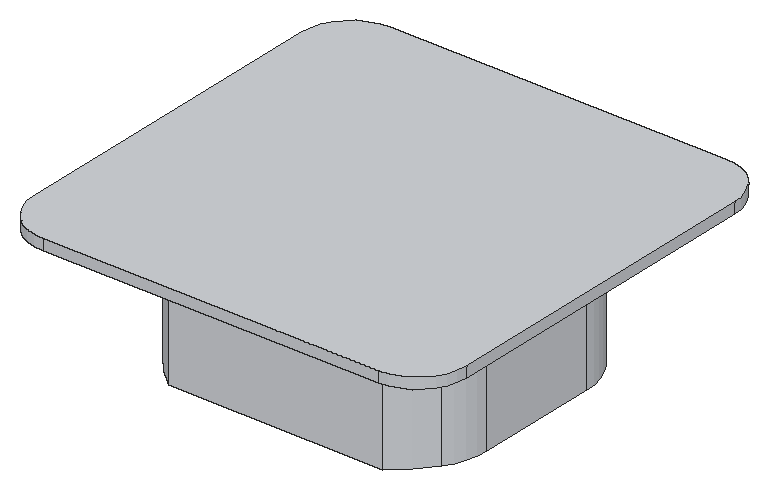
Revit family "Gira_018200", category Electrical Fixtures, host Face, Revit 2017
Family settings
  Host = Face
  Maintain Annotation Orientation = Yes
  Round Connector Dimension = Use Diameter
  Part Type = Normal
  Cut with Voids When Loaded = No
  Shared = No
  Room Calculation Point = No
Parameters
  URL = "http://katalog.gira.de/de_DE/datenblatt.html?artikelnr=018200"
  Region = "DE"
  Name = "Taster-BA 2f 1-Punkt KNX Einsatz"
  Montageart = "unter Putz"
  Manufacturer URL = "https://www.gira.de/"
  Keynote = "Einsatz_1fach"
  HeinzeBIM = "https://bimportal.heinze.de/bim/taster-ba-2f-1-punkt-knx-einsatz/22aaa5c862a5bed7bd6c31c8c56895e74e430741"
  HAN = "018200"
  GTIN = "4010337182009"
  Default Elevation = 1219.2 mm
  Data sheet (1) = "https://katalog.gira.de/de_DE/download.html?artikelnr=018200"
  Category = "Bussystem-Ankoppler"
  Bussystem Powernet = "No"
  Bussystem LON = "No"
  Bussystem KNX-Funk = "No"
  Bussystem KNX = "Yes"
  Bussystem Funkbus = "No"
  Befestigungsart = "Krallen-/Schraubbefestigung"
  Available = "Yes"
  Andere Bussysteme = "ohne"
Reference planes
  plane 1 "Center (Front/Back)": y = 0
  plane 2: z = 0
  plane 3 "Center (Left/Right)": x = 0
Forms (mm)
  Extrusion 1, solid, detail levels fine
    sketch origin (0, 0, 0) x (1, 0, 0) y (0, 1, 0)
      loop
        line (27.475, 35.475) -> (-27.475, 35.475)
        arc (-27.475, 35.475) -> (-33.132, 33.132) -> (-35.475, 27.475) r 8
        line (-35.475, 27.475) -> (-35.475, -27.475)
        arc (-35.475, -27.475) -> (-33.132, -33.132) -> (-27.475, -35.475) r 8
        line (-27.475, -35.475) -> (27.475, -35.475)
        arc (27.475, -35.475) -> (33.132, -33.132) -> (35.475, -27.475) r 8
        line (35.475, -27.475) -> (35.475, 27.475)
        arc (35.475, 27.475) -> (33.132, 33.132) -> (27.475, 35.475) r 8
    from 0 to 1.8
  Extrusion 2, solid, detail levels fine
    sketch origin (0, 0, 0) x (1, 0, 0) y (0, 1, 0)
      loop
        line (9.678, 25.4) -> (-9.678, 25.4)
        arc (-9.678, 25.4) -> (-12.885, 24.922) -> (-15.814, 23.53) r 11
        arc (-15.814, 23.53) -> (-17.795, 22.07) -> (-19.641, 20.444) r 28.35
        arc (-19.641, 20.444) -> (-21.339, 18.665) -> (-22.876, 16.745) r 28.35
        arc (-22.876, 16.745) -> (-24.456, 13.666) -> (-25, 10.248) r 11
        line (-25, 10.248) -> (-25, -10.248)
        arc (-25, -10.248) -> (-24.456, -13.666) -> (-22.876, -16.745) r 11
        arc (-22.876, -16.745) -> (-20.409, -19.677) -> (-17.569, -22.25) r 28.35
        line (-17.569, -22.25) -> (17.569, -22.25)
        arc (17.569, -22.25) -> (20.409, -19.677) -> (22.876, -16.745) r 28.35
        arc (22.876, -16.745) -> (24.456, -13.666) -> (25, -10.248) r 11
        line (25, -10.248) -> (25, 10.248)
        arc (25, 10.248) -> (24.456, 13.666) -> (22.876, 16.745) r 11
        arc (22.876, 16.745) -> (21.593, 18.37) -> (20.195, 19.897) r 28.35
        arc (20.195, 19.897) -> (18.096, 21.823) -> (15.814, 23.53) r 28.35
        arc (15.814, 23.53) -> (12.885, 24.922) -> (9.678, 25.4) r 11
    from -22 to 0
  Extrusion 3, solid, detail levels medium
    sketch origin (0, 0, 0) x (1, 0, 0) y (0, 1, 0)
      loop
        line (-25, 25.4) -> (-25, -22.25) -> (25, -22.25) -> (25, 25.4) -> (-25, 25.4)
    from -22 to 0
  Extrusion 4, solid, detail levels coarse
    sketch origin (0, 0, 0) x (1, 0, 0) y (0, 1, 0)
      loop
        line (35.475, 35.475) -> (-35.475, 35.475) -> (-35.475, -35.475) -> (35.475, -35.475) -> (35.475, 35.475)
    from -22 to 1.8
  Extrusion 5, solid, detail levels medium
    sketch origin (0, 0, 0) x (1, 0, 0) y (0, 1, 0)
      loop
        line (35.475, 35.475) -> (-35.475, 35.475) -> (-35.475, -35.475) -> (35.475, -35.475) -> (35.475, 35.475)
    from 0 to 1.8
Dimensions and locks
  aligned and locked: plane 2 to host face
  aligned and locked: level to host face
  aligned and locked: plane 3 "Center (Left/Right)" to nested 1
  aligned and locked: plane 1 "Center (Front/Back)" to nested 1
Nested families
  nested 1: "RJ45-Datendose Beschriftung" at (0, 0, 0), type "RJ45-Datendose Beschriftung"
Connectors
  electrical at (0, 0, -22)
    settings: on Extrusion 4, index 1, voltage 220 V, apparent load 0 VA, apparent load phase1 0 VA, apparent load phase2 0 VA, apparent load phase3 0 VA, power factor 1, load classification "Other", number of poles 1, system type 30, power factor state 1, is connector primary yes, connector utility no, sub classification motor no, connector description ""
Definition of nested family "RJ45-Datendose Beschriftung"
  Reference planes
    plane 1: y = 0
    plane 2: x = 0
  Lines and regions (mm)
    Filled region 1, type "Gefüllter Bereich 1"
      outline origin (0, 0, 0) x (1, 0, 0) y (0, 1, 0)
        loop
          circle (0, 2.4) r 0.4
    detail lines
      curve 1: line (0, 0, 0) -> (0, 2, 0)
      curve 2: line (0, 2, 0) -> (1.2, 2, 0)
      curve 3: line (1.2, 2, 0) -> (1.2, 3.6, 0)
      curve 4: circle (0, 2.4, 0) r 0.4 normal (0, 0, 1)
      curve 5: line (0, 2, 0) -> (-1.2, 2, 0)
      curve 6: line (-1.2, 2, 0) -> (-1.2, 3.6, 0)
